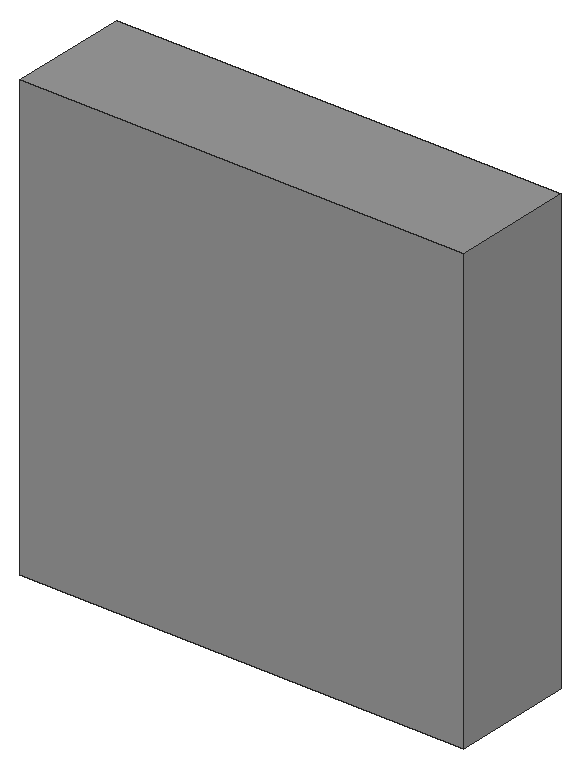
Revit family "NRG_Melder_V1700", category Brandmelder, Revit 2017
Family settings
  Beschriftungsausrichtung beibehalten = Nein
  Bemaßung runder Anschluss = Durchmesser verwenden
  Teiletyp = Normal
  OmniClass-Nummer = 23.80.00.00
  OmniClass-Titel = Electric Power and Lighting
  Arbeitsebenenbasiert = Nein
  Immer vertikal = Ja
  Beim Laden mit Abzugskörper schneiden = Ja
  Gemeinsam genutzt = Nein
  Raumberechnungspunkt = Nein
Parameters (values of type "Melder_Hausrufanlage")
  pbr_Material_KZ = ""
  pbr_Material = none
  pbr_E_Typ = ""
  pbr_E_KZ = ""
  pbr_DINBild = 0
  pbr_Bild = 0
  pbr_3Dx_Delta_Korrekturversatz [instance] = 0 mm
  pbr_3DX_Versatzfaktor [instance] = 0
  pbr_2DY_Versatzfaktor [instance] = 0
  pbr_2DX_Versatzfaktor [instance] = 0
  lfd_STRK [instance] = 0
  cpiFitMatchKey [instance] = " E-BM-DKMHA "
  Typ [instance] = ""
  Tiefe = 37 mm
  Text3 [instance] = ""
  Text2 [instance] = ""
  Text1 [instance] = ""
  Port2 [instance] = ""
  Port1 [instance] = ""
  Planungsbüro Rohling = "www.pbr.de"
  Patchfeld [instance] = ""
  Netzart = ""
  Menge(Dosenzahl) [instance] = 0
  Melder Hausrufanlage = yes
  Linie [instance] = ""
  Lastklassifizierung = none
  Installationsart [instance] = ""
  Info [instance] = ""
  Gewerk [instance] = "SR"
  Länge = Breite  # 135 mm
  Eckversatz [instance] = 0 mm
  YFrontversatz [instance] = if(pbr_2DY_Versatzfaktor = 300, 0 mm, pbr_2DY_Versatzfaktor * 300 mm)  # 0 mm
  XSeitenversatz [instance] = if(pbr_2DX_Versatzfaktor = 0, 3000 mm, 3000 mm + (pbr_2DX_Versatzfaktor * 300 mm)) + Eckversatz  # 3000 mm
  X3Dversatz [instance] = if([3DX_Versatzkontrolle] = 0, 2000 mm, 2000 mm + ([3DX_Versatzkontrolle] * (300 mm - Breite))) + pbr_3Dx_Delta_Korrekturversatz  # 2000 mm
  Niveau [instance] = 1200 mm
  Bus [instance] = ""
  Breite = 135 mm
  Betriebsstrom ruhe [instance] = 0
  Betriebsstrom max [instance] = 0
  3DX_Versatzkontrolle [instance] = if(pbr_3DX_Versatzfaktor = 0, (pbr_2DX_Versatzfaktor * -1), (((-1 * pbr_3DX_Versatzfaktor) + pbr_2DX_Versatzfaktor) * -1))  # 0
  3DX_Versatzfaktor [instance] = 0
  3DX_Versatz [instance] = 0 mm
  2DY_Versatzfaktor [instance] = 0
  2DX_Versatzfaktor [instance] = 0
Reference planes
  plane 1 "Mitte (Vorne/Hinten)": y = 0
  plane 2: z = 0
  plane 3 "Mitte (Links/Rechts)": x = 22.5
  plane 4: x = -127.5
  plane 5: x = 172.5
  plane 6: y = 300
  plane 7 "Schalterhinten": y = 0
  plane 8: x = -2977.5
  plane 9: x = 22.5
  plane 10: x = -1977.5
  plane 11: x = -45
  plane 12: x = 90
  plane 13: z = 1267.5
  plane 14: z = 1132.5
  plane 15 "SchalterVorne": y = 37
  plane 16 "3DMitte": x = 22.5
  plane 17 "Achse": z = 1200
  plane 18: z = 1225
  plane 19: z = 1175
  plane 20 "2DMitte": y = 150
Forms (mm)
  Extrusion 1, solid, material "Stahl, weich, geschweißt"
    sketch origin (0, 20, 0) x (0, 0, 1) y (-1, 0, 0)
      loop
        line (1132.5, 45) -> (1132.5, -90) -> (1267.5, -90) -> (1267.5, 45) -> (1132.5, 45)
    from -17 to 20
Dimensions and locks
  locked: plane 6 to plane 7 "Schalterhinten" at 300
  "XSeitenversatz": plane 8 to plane 9
  plane 8 to plane 3 "Mitte (Links/Rechts)" = 3000 mm
  "YFrontversatz": plane 1 "Mitte (Vorne/Hinten)" to plane 7 "Schalterhinten"
  "Breite": plane 12 to plane 11
  "Länge": plane 13 to plane 14
  plane 9 to plane 10 = 2000 mm
  equal spacing: plane 12, plane 16 "3DMitte", plane 11
  "X3Dversatz": plane 16 "3DMitte" to plane 10
  equal spacing: plane 13, plane 17 "Achse", plane 14
  "Niveau": plane 17 "Achse" to level
  "Tiefe": plane 15 "SchalterVorne" to plane 1 "Mitte (Vorne/Hinten)"
  plane 13 to plane 18 = 42.5 mm
  plane 19 to plane 14 = 42.5 mm
  equal spacing: plane 4, plane 9, plane 5, locked at 150 each
  locked: plane 4 to plane 5 at 300
  equal spacing: plane 6, plane 20 "2DMitte", plane 7 "Schalterhinten", locked at 150 each
  aligned and locked: level to plane 2
  aligned and locked: Extrusion 1 sketch curve to plane 14
  aligned and locked: Extrusion 1 sketch curve to plane 11
  aligned and locked: Extrusion 1 sketch curve to plane 13
  aligned and locked: plane 12 to Extrusion 1 sketch curve
  aligned and locked: plane 1 "Mitte (Vorne/Hinten)" to Extrusion 1
  aligned and locked: Extrusion 1 to plane 15 "SchalterVorne"
  aligned and locked: nested 1 to plane 9
  aligned and locked: nested 1 to plane 7 "Schalterhinten"
Nested families
  nested 1: "Melder Hausrufanlage" at (22.5, 0, 0), visible <- "Melder Hausrufanlage", type "Melder Hausrufanlage"
Connectors
  electrical at (22.5, 0, 1200)
    settings: on Extrusion 1, index 1, voltage 0 V, apparent load 0 VA, apparent load phase1 0 VA, apparent load phase2 0 VA, apparent load phase3 0 VA, power factor 1, load classification "Sonstige", number of poles 1, system type 11, power factor state 1, is connector primary yes, connector utility no, sub classification motor no, connector description ""
Definition of nested family "Melder Hausrufanlage"
  Reference planes
    plane 1 "Mitte (Vorne/Hinten)": y = 0
    plane 2: z = 0
    plane 3 "Mitte (Links/Rechts)": x = 0
    plane 4: y = 0
    plane 5: x = 0
    plane 6: y = 270, in view "Referenzebene"
    plane 7: y = 161.58, in view "Referenzebene"
  Lines and regions (mm)
    Filled region 1, type "Beton", in view "Referenzebene"
      outline origin (597.812, -464.32, 0) x (1, 0, 0) y (0, 1, 0)
        loop
          circle (-597.812, 599.32) r 38.723
    Filled region 2, type "Beton", in view "Referenzebene"
      outline origin (403.837, -100.59, 0) x (1, 0, 0) y (0, 1, 0)
        loop
          line (-498.837, 262.171) -> (-484.453, 262.171) -> (-484.453, 313.197) -> (-428.068, 313.197) -> (-428.068, 262.171) -> (-413.716, 262.171) -> (-413.716, 370.59) -> (-428.032, 370.59) -> (-428.032, 326.056) -> (-484.453, 326.056) -> (-484.453, 370.585) -> (-498.837, 370.585) -> (-498.837, 262.171)
        loop
          line (-361.339, 370.59) -> (-403.005, 262.171) -> (-387.77, 262.171) -> (-375.818, 295.007) -> (-330.507, 295.007) -> (-317.79, 262.171) -> (-301.537, 262.171) -> (-345.981, 370.59) -> (-361.339, 370.59)
        loop
          line (-334.968, 306.686) -> (-353.957, 359.196) -> (-371.717, 306.686) -> (-334.968, 306.686)
    detail lines, in view "Referenzebene"
      curve 1: line (-135, 270, 0) -> (-135, 0, 0)
      curve 2: line (-135, 0, 0) -> (135, 0, 0)
      curve 3: line (135, 0, 0) -> (135, 270, 0)
      curve 4: line (135, 270, 0) -> (-135, 270, 0)
      curve 5: line (-95, 230, 0) -> (-95, 40, 0)
      curve 6: line (-95, 40, 0) -> (95, 40, 0)
      curve 7: line (95, 40, 0) -> (95, 230, 0)
      curve 8: line (95, 230, 0) -> (-95, 230, 0)
